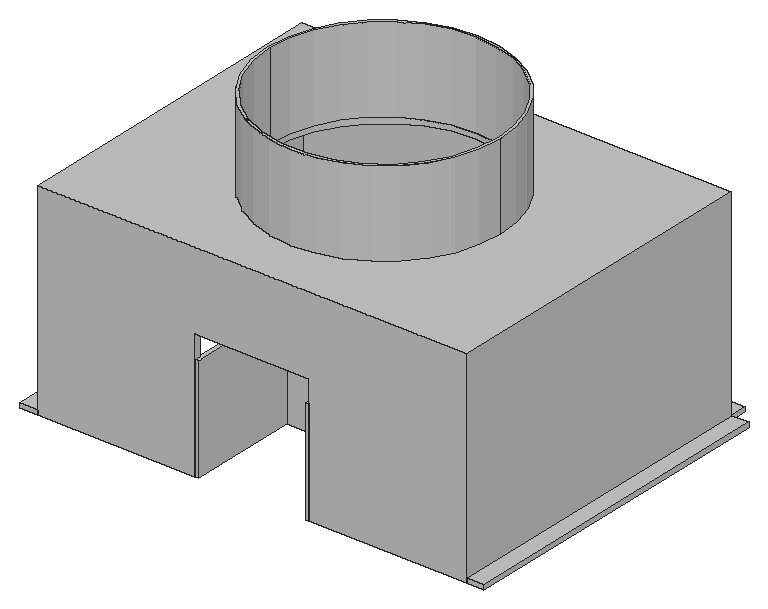
Revit family "QF_ELECTROLUXPROFESSIONAL_922678_FLCOGASOV", category Attrezzature speciali, Revit 2020
Family settings
  Quota connettore circolare = Usa diametro
  Tipo di parte = Normale
  Basato su piano di lavoro = No
  Sempre verticale = Sì
  Taglio con vuoti quando caricato = No
  Condiviso = No
  Punto di calcolo locali = No
Parameters (values of type "Standard")
  Weight = 0.00 kg
  Watts = 0 W
  Volts = 0 V
  URL Manufacturer = ""
  URL = ""
  Steam Supply Size = 0 mm
  Steam Supply Minimum Pressure = 0.0 Pa
  Steam Supply Maximum Pressure = 0.0 Pa
  Steam Consumption per Hour = 0
  Show Clearance [instance] = yes
  Refrigeration Suction Line Size = 0 mm
  Refrigeration Liquid Line Size = 0 mm
  Refrigerant Compressor Remote = yes
  Prospetto di default = 0 mm
  Manufacturer = ""
  Phase = 0
  Model = ""
  Length Actual = 406 mm  # constant formula
  Item Number = ""
  Hot Water Size = 0 mm
  Height Actual = 255 mm  # constant formula
  HP = ""
  Gas Size = 0 mm
  Gas KW = 0
  Gas Input Pressure = 0 W
  Direct Waste Size = 0 mm
  Description = ""
  Depth Actual = 305 mm  # constant formula
  Cycle = 0 Hz
  Condensate Return Size = 0 mm
  Compressed Air Volume = 0.0 L/s
  Compressed Air Size = 0 mm
  Compressed Air Pressure = 0.0 Pa
  Cold Water Size = 0 mm
  Accessory = yes
Reference planes
  plane 1 "Back": y = 0
  plane 2: z = 0
  plane 3 "FRONT": y = -305
  plane 4 "LEFT": x = -126
  plane 5 "RIGHT": x = 280
  plane 6: x = 77
  plane 7 "Centro Avanti/Indietro": y = -160
  plane 8: z = 255
  plane 9: z = 180
  plane 10: y = -15
  plane 11 "L_IN": x = -111
  plane 12 "D_IN": x = 265
  plane 13: z = 4
  plane 14: z = 175
  plane 15: z = 112
  plane 16: x = 127
  plane 17: x = 27
  plane 18: z = 92
  plane 19: y = -205
Forms (mm)
  Extrusion 1, solid, material "QF_Finishes_Stainless Steel"
    sketch origin (0, 0, 0) x (1, 0, 0) y (0, 1, 0)
      loop
        line (-111, -15) -> (-111, -305) -> (265, -305) -> (265, -15) -> (-111, -15)
    from 0 to 180
  Extrusion 2, solid, material "QF_Finishes_Stainless Steel"
    sketch origin (0, 0, 0) x (1, 0, 0) y (0, 1, 0)
      loop
        line (-111, 0) -> (-111, -15) -> (265, -15) -> (265, 0) -> (-111, 0)
    from 0 to 4
  Extrusion 3, solid, material "QF_Finishes_Stainless Steel"
    sketch origin (0, 0, 0) x (1, 0, 0) y (0, 1, 0)
      loop
        line (265, -15) -> (265, -305) -> (280, -305) -> (280, -15) -> (265, -15)
    from 0 to 4
  Extrusion 4, solid, material "QF_Finishes_Stainless Steel"
    sketch origin (0, 0, 0) x (1, 0, 0) y (0, 1, 0)
      loop
        line (-126, -15) -> (-126, -305) -> (-111, -305) -> (-111, -15) -> (-126, -15)
    from 0 to 4
  Extrusion 5, solid, material "QF_Finishes_Stainless Steel"
    sketch origin (0, 0, 0) x (1, 0, 0) y (0, 1, 0)
      loop
        circle (77, -160) r 102
    from 180 to 255
  Extrusion 6, void
    sketch origin (0, 0, 0) x (1, 0, 0) y (0, 1, 0)
      loop
        circle (77, -160) r 100
    from 170.207 to 262.933
  Extrusion 7, void
    sketch origin (0, 0, 0) x (1, 0, 0) y (0, 1, 0)
      loop
        line (260, -20) -> (-106, -20) -> (-106, -300) -> (260, -300) -> (260, -20)
    from -60 to 175
  Extrusion 8, void
    sketch origin (0, 250, 0) x (-1, 0, 0) y (0, 0, 1)
      loop
        line (-27, 112) -> (-127, 112) -> (-127, 0) -> (-27, 0) -> (-27, 112)
    from -596.38 to -510
  Extrusion 9, solid, material "QF_Finishes_Stainless Steel"
    sketch origin (0, 0, 0) x (1, 0, 0) y (0, 1, 0)
      loop
        line (27, -205) -> (27, -305) -> (30, -305) -> (30, -208) -> (124, -208) -> (124, -305) -> (127, -305) -> (127, -205) -> (27, -205)
    from 0 to 92
Cuts and joins
  Extrusion 6 cuts Extrusion 5
  Extrusion 6, Extrusion 7, Extrusion 8 cuts Extrusion 1
Lines and regions (mm)
  model lines
    curve 1: line (-111, -61.307, 163.631) -> (-111, -136.307, 163.631)
    curve 2: line (-111, -61.307, 152.04) -> (-111, -61.307, 163.631)
    curve 3: line (-111, -136.307, 152.04) -> (-111, -61.307, 152.04)
    curve 4: line (-111, -136.307, 163.631) -> (-111, -136.307, 152.04)
    curve 5: line (-111, -61.307, 143.631) -> (-111, -136.307, 143.631)
    curve 6: line (-111, -61.307, 132.04) -> (-111, -61.307, 143.631)
    curve 7: line (-111, -136.307, 132.04) -> (-111, -61.307, 132.04)
    curve 8: line (-111, -136.307, 143.631) -> (-111, -136.307, 132.04)
    curve 9: line (-111, -61.307, 123.631) -> (-111, -136.307, 123.631)
    curve 10: line (-111, -61.307, 112.04) -> (-111, -61.307, 123.631)
    curve 11: line (-111, -136.307, 112.04) -> (-111, -61.307, 112.04)
    curve 12: line (-111, -136.307, 123.631) -> (-111, -136.307, 112.04)
    curve 13: line (-111, -61.307, 103.631) -> (-111, -136.307, 103.631)
    curve 14: line (-111, -61.307, 92.04) -> (-111, -61.307, 103.631)
    curve 15: line (-111, -136.307, 92.04) -> (-111, -61.307, 92.04)
    curve 16: line (-111, -136.307, 103.631) -> (-111, -136.307, 92.04)
    curve 17: line (-111, -61.307, 83.631) -> (-111, -136.307, 83.631)
    curve 18: line (-111, -61.307, 72.04) -> (-111, -61.307, 83.631)
    curve 19: line (-111, -136.307, 72.04) -> (-111, -61.307, 72.04)
    curve 20: line (-111, -136.307, 83.631) -> (-111, -136.307, 72.04)
    curve 21: line (-111, -61.307, 63.631) -> (-111, -136.307, 63.631)
    curve 22: line (-111, -61.307, 52.04) -> (-111, -61.307, 63.631)
    curve 23: line (-111, -136.307, 52.04) -> (-111, -61.307, 52.04)
    curve 24: line (-111, -136.307, 63.631) -> (-111, -136.307, 52.04)
    curve 25: line (-111, -61.307, 43.631) -> (-111, -136.307, 43.631)
    curve 26: line (-111, -61.307, 32.04) -> (-111, -61.307, 43.631)
    curve 27: line (-111, -136.307, 32.04) -> (-111, -61.307, 32.04)
    curve 28: line (-111, -136.307, 43.631) -> (-111, -136.307, 32.04)
    curve 29: line (-111, -61.307, 23.631) -> (-111, -136.307, 23.631)
    curve 30: line (-111, -61.307, 12.04) -> (-111, -61.307, 23.631)
    curve 31: line (-111, -136.307, 12.04) -> (-111, -61.307, 12.04)
    curve 32: line (-111, -136.307, 23.631) -> (-111, -136.307, 12.04)
    curve 33: line (-111, -258.693, 163.631) -> (-111, -183.693, 163.631)
    curve 34: line (-111, -258.693, 152.04) -> (-111, -258.693, 163.631)
    curve 35: line (-111, -183.693, 152.04) -> (-111, -258.693, 152.04)
    curve 36: line (-111, -183.693, 163.631) -> (-111, -183.693, 152.04)
    curve 37: line (-111, -258.693, 143.631) -> (-111, -183.693, 143.631)
    curve 38: line (-111, -258.693, 132.04) -> (-111, -258.693, 143.631)
    curve 39: line (-111, -183.693, 132.04) -> (-111, -258.693, 132.04)
    curve 40: line (-111, -183.693, 143.631) -> (-111, -183.693, 132.04)
    curve 41: line (-111, -258.693, 123.631) -> (-111, -183.693, 123.631)
    curve 42: line (-111, -258.693, 112.04) -> (-111, -258.693, 123.631)
    curve 43: line (-111, -183.693, 112.04) -> (-111, -258.693, 112.04)
    curve 44: line (-111, -183.693, 123.631) -> (-111, -183.693, 112.04)
    curve 45: line (-111, -258.693, 103.631) -> (-111, -183.693, 103.631)
    curve 46: line (-111, -258.693, 92.04) -> (-111, -258.693, 103.631)
    curve 47: line (-111, -183.693, 92.04) -> (-111, -258.693, 92.04)
    curve 48: line (-111, -183.693, 103.631) -> (-111, -183.693, 92.04)
    curve 49: line (-111, -258.693, 83.631) -> (-111, -183.693, 83.631)
    curve 50: line (-111, -258.693, 72.04) -> (-111, -258.693, 83.631)
    curve 51: line (-111, -183.693, 72.04) -> (-111, -258.693, 72.04)
    curve 52: line (-111, -183.693, 83.631) -> (-111, -183.693, 72.04)
    curve 53: line (-111, -258.693, 63.631) -> (-111, -183.693, 63.631)
    curve 54: line (-111, -258.693, 52.04) -> (-111, -258.693, 63.631)
    curve 55: line (-111, -183.693, 52.04) -> (-111, -258.693, 52.04)
    curve 56: line (-111, -183.693, 63.631) -> (-111, -183.693, 52.04)
    curve 57: line (-111, -258.693, 43.631) -> (-111, -183.693, 43.631)
    curve 58: line (-111, -258.693, 32.04) -> (-111, -258.693, 43.631)
    curve 59: line (-111, -183.693, 32.04) -> (-111, -258.693, 32.04)
    curve 60: line (-111, -183.693, 43.631) -> (-111, -183.693, 32.04)
    curve 61: line (-111, -258.693, 23.631) -> (-111, -183.693, 23.631)
    curve 62: line (-111, -258.693, 12.04) -> (-111, -258.693, 23.631)
    curve 63: line (-111, -183.693, 12.04) -> (-111, -258.693, 12.04)
    curve 64: line (-111, -183.693, 23.631) -> (-111, -183.693, 12.04)
    curve 65: line (265, -61.307, 163.631) -> (265, -136.307, 163.631)
    curve 66: line (265, -61.307, 152.04) -> (265, -61.307, 163.631)
    curve 67: line (265, -136.307, 152.04) -> (265, -61.307, 152.04)
    curve 68: line (265, -136.307, 163.631) -> (265, -136.307, 152.04)
    curve 69: line (265, -61.307, 143.631) -> (265, -136.307, 143.631)
    curve 70: line (265, -61.307, 132.04) -> (265, -61.307, 143.631)
    curve 71: line (265, -136.307, 132.04) -> (265, -61.307, 132.04)
    curve 72: line (265, -136.307, 143.631) -> (265, -136.307, 132.04)
    curve 73: line (265, -61.307, 123.631) -> (265, -136.307, 123.631)
    curve 74: line (265, -61.307, 112.04) -> (265, -61.307, 123.631)
    curve 75: line (265, -136.307, 112.04) -> (265, -61.307, 112.04)
    curve 76: line (265, -136.307, 123.631) -> (265, -136.307, 112.04)
    curve 77: line (265, -61.307, 103.631) -> (265, -136.307, 103.631)
    curve 78: line (265, -61.307, 92.04) -> (265, -61.307, 103.631)
    curve 79: line (265, -136.307, 92.04) -> (265, -61.307, 92.04)
    curve 80: line (265, -136.307, 103.631) -> (265, -136.307, 92.04)
    curve 81: line (265, -61.307, 83.631) -> (265, -136.307, 83.631)
    curve 82: line (265, -61.307, 72.04) -> (265, -61.307, 83.631)
    curve 83: line (265, -136.307, 72.04) -> (265, -61.307, 72.04)
    curve 84: line (265, -136.307, 83.631) -> (265, -136.307, 72.04)
    curve 85: line (265, -61.307, 63.631) -> (265, -136.307, 63.631)
    curve 86: line (265, -61.307, 52.04) -> (265, -61.307, 63.631)
    curve 87: line (265, -136.307, 52.04) -> (265, -61.307, 52.04)
    curve 88: line (265, -136.307, 63.631) -> (265, -136.307, 52.04)
    curve 89: line (265, -61.307, 43.631) -> (265, -136.307, 43.631)
    curve 90: line (265, -61.307, 32.04) -> (265, -61.307, 43.631)
    curve 91: line (265, -136.307, 32.04) -> (265, -61.307, 32.04)
    curve 92: line (265, -136.307, 43.631) -> (265, -136.307, 32.04)
    curve 93: line (265, -61.307, 23.631) -> (265, -136.307, 23.631)
    curve 94: line (265, -61.307, 12.04) -> (265, -61.307, 23.631)
    curve 95: line (265, -136.307, 12.04) -> (265, -61.307, 12.04)
    curve 96: line (265, -136.307, 23.631) -> (265, -136.307, 12.04)
    curve 97: line (265, -258.693, 163.631) -> (265, -183.693, 163.631)
    curve 98: line (265, -258.693, 152.04) -> (265, -258.693, 163.631)
    curve 99: line (265, -183.693, 152.04) -> (265, -258.693, 152.04)
    curve 100: line (265, -183.693, 163.631) -> (265, -183.693, 152.04)
    curve 101: line (265, -258.693, 143.631) -> (265, -183.693, 143.631)
    curve 102: line (265, -258.693, 132.04) -> (265, -258.693, 143.631)
    curve 103: line (265, -183.693, 132.04) -> (265, -258.693, 132.04)
    curve 104: line (265, -183.693, 143.631) -> (265, -183.693, 132.04)
    curve 105: line (265, -258.693, 123.631) -> (265, -183.693, 123.631)
    curve 106: line (265, -258.693, 112.04) -> (265, -258.693, 123.631)
    curve 107: line (265, -183.693, 112.04) -> (265, -258.693, 112.04)
    curve 108: line (265, -183.693, 123.631) -> (265, -183.693, 112.04)
    curve 109: line (265, -258.693, 103.631) -> (265, -183.693, 103.631)
    curve 110: line (265, -258.693, 92.04) -> (265, -258.693, 103.631)
    curve 111: line (265, -183.693, 92.04) -> (265, -258.693, 92.04)
    curve 112: line (265, -183.693, 103.631) -> (265, -183.693, 92.04)
    curve 113: line (265, -258.693, 83.631) -> (265, -183.693, 83.631)
    curve 114: line (265, -258.693, 72.04) -> (265, -258.693, 83.631)
    curve 115: line (265, -183.693, 72.04) -> (265, -258.693, 72.04)
    curve 116: line (265, -183.693, 83.631) -> (265, -183.693, 72.04)
    curve 117: line (265, -258.693, 63.631) -> (265, -183.693, 63.631)
    curve 118: line (265, -258.693, 52.04) -> (265, -258.693, 63.631)
    curve 119: line (265, -183.693, 52.04) -> (265, -258.693, 52.04)
    curve 120: line (265, -183.693, 63.631) -> (265, -183.693, 52.04)
    curve 121: line (265, -258.693, 43.631) -> (265, -183.693, 43.631)
    curve 122: line (265, -258.693, 32.04) -> (265, -258.693, 43.631)
    curve 123: line (265, -183.693, 32.04) -> (265, -258.693, 32.04)
    curve 124: line (265, -183.693, 43.631) -> (265, -183.693, 32.04)
    curve 125: line (265, -258.693, 23.631) -> (265, -183.693, 23.631)
    curve 126: line (265, -258.693, 12.04) -> (265, -258.693, 23.631)
    curve 127: line (265, -183.693, 12.04) -> (265, -258.693, 12.04)
    curve 128: line (265, -183.693, 23.631) -> (265, -183.693, 12.04)
Dimensions and locks
  plane 5 "RIGHT" to plane 4 "LEFT" = 406 mm
  plane 4 "LEFT" to plane 5 "RIGHT" = 406 mm
  plane 3 "FRONT" to plane 1 "Back" = 305 mm
  equal spacing: plane 4 "LEFT", plane 6, plane 5 "RIGHT"
  plane 8 to plane 2 = 255 mm
  plane 10 to plane 3 "FRONT" = 290 mm
  equal spacing: plane 11 "L_IN", plane 6, plane 12 "D_IN"
  plane 11 "L_IN" to plane 12 "D_IN" = 376 mm
  plane 2 to plane 9 = 180 mm
  equal spacing: plane 10, plane 7 "Centro Avanti/Indietro", plane 3 "FRONT"
  locked: plane 13 to plane 2 at 4
  locked: plane 14 to plane 9 at 5
  plane 15 to plane 2 = 112 mm
  plane 15 to plane 18 = 20 mm
  plane 19 to plane 3 "FRONT" = 100 mm
  aligned and locked: level to plane 2
  aligned and locked: Extrusion 1 sketch curve to plane 10
  aligned and locked: Extrusion 1 sketch curve to plane 11 "L_IN"
  aligned and locked: plane 3 "FRONT" to Extrusion 1 sketch curve
  aligned and locked: Extrusion 1 sketch curve to plane 12 "D_IN"
  aligned and locked: plane 1 "Back" to Extrusion 2 sketch curve
  aligned and locked: Extrusion 2 sketch curve to plane 11 "L_IN"
  aligned and locked: Extrusion 2 sketch curve to Extrusion 1  (x2)
  aligned and locked: Extrusion 3 sketch curve to Extrusion 1  (x2)
  aligned and locked: plane 3 "FRONT" to Extrusion 3 sketch curve
  aligned and locked: plane 5 "RIGHT" to Extrusion 3 sketch curve
  aligned and locked: Extrusion 4 sketch curve to plane 10
  aligned and locked: plane 4 "LEFT" to Extrusion 4 sketch curve
  aligned and locked: Extrusion 4 sketch curve to Extrusion 1  (x2)
  aligned and locked: Extrusion 4 to plane 2
  aligned and locked: plane 13 to Extrusion 2
  aligned and locked: Extrusion 2 to plane 2
  aligned and locked: plane 13 to Extrusion 3
  aligned and locked: Extrusion 1 to plane 2
  aligned and locked: Extrusion 3 to plane 2
  aligned and locked: plane 8 to Extrusion 5
  aligned and locked: plane 9 to Extrusion 5
  aligned and locked: Extrusion 1 to plane 9
  aligned and locked: plane 13 to Extrusion 4
  aligned and locked: Extrusion 7 to plane 14
  aligned and locked: plane 15 to Extrusion 8 sketch curve
  aligned and locked: Extrusion 8 sketch curve to plane 17
  aligned and locked: Extrusion 8 sketch curve to plane 2
  aligned and locked: plane 16 to Extrusion 8 sketch curve
  aligned and locked: plane 18 to Extrusion 9
  aligned and locked: Extrusion 9 to level
Automatic sketch dimensions
  Extrusion 5 sketch curve to plane 6 = 0 mm
  Extrusion 5 sketch curve to plane 7 "Centro Avanti/Indietro" = 0 mm
  Extrusion 6 sketch curve to plane 6 = 0 mm
  Extrusion 6 sketch curve to plane 7 "Centro Avanti/Indietro" = 0 mm
  Extrusion 7 sketch curve to plane 11 "L_IN" = 5 mm
  Extrusion 7 sketch curve to plane 12 "D_IN" = 5 mm
  Extrusion 7 sketch curve to plane 10 = 5 mm
  plane 3 "FRONT" to Extrusion 7 sketch curve = 5 mm
  Extrusion 9 sketch curve to plane 19 = 0 mm
  Extrusion 9 sketch curve to plane 17 = 0 mm
  Extrusion 9 sketch curve to plane 16 = 0 mm
  Extrusion 9 sketch curve to Extrusion 9 sketch curve = 3 mm  (x2)
  Extrusion 9 sketch curve to plane 16 = 3 mm
  Extrusion 9 sketch curve to plane 3 "FRONT" = 0 mm  (x2)
  plane 14 to curve 1 = 11.369 mm
  curve 1 to plane 10 = 46.307 mm
  plane 13 to curve 31 = 8.04 mm
  curve 31 to plane 10 = 46.307 mm
  curve 5 to curve 2 = 0 mm
  curve 27 to curve 29 = 0 mm
  curve 9 to curve 6 = 0 mm
  curve 23 to curve 25 = 0 mm
  curve 13 to curve 10 = 0 mm
  curve 19 to curve 21 = 0 mm
  plane 18 to curve 16 = 0.04 mm
  plane 7 "Centro Avanti/Indietro" to curve 16 = 23.693 mm
  curve 17 to curve 15 = 0 mm
  plane 15 to curve 12 = 0.04 mm
  curve 12 to curve 13 = 0 mm
  curve 21 to curve 19 = 0 mm
  curve 8 to curve 9 = 0 mm
  curve 25 to curve 23 = 0 mm
  curve 4 to curve 5 = 0 mm
  curve 29 to curve 27 = 0 mm
  plane 13 to curve 64 = 8.04 mm
  plane 19 to curve 64 = 21.307 mm
  plane 19 to curve 33 = 21.307 mm
  curve 60 to curve 61 = 0 mm
  curve 37 to curve 35 = 0 mm
  curve 56 to curve 57 = 0 mm
  curve 41 to curve 39 = 0 mm
  curve 52 to curve 53 = 0 mm
  curve 45 to curve 43 = 0 mm
  curve 49 to plane 18 = 8.369 mm
  plane 3 "FRONT" to curve 49 = 46.307 mm
  plane 18 to curve 47 = 0.04 mm
  curve 47 to curve 49 = 0 mm
  curve 53 to curve 50 = 0 mm
  plane 15 to curve 43 = 0.04 mm
  curve 43 to curve 45 = 0 mm
  curve 57 to curve 54 = 0 mm
  curve 39 to curve 41 = 0 mm
  curve 61 to curve 58 = 0 mm
  curve 35 to curve 37 = 0 mm
  curve 63 to curve 64 = 11.591 mm
  curve 31 to curve 32 = 11.591 mm
  curve 61 to curve 59 = 8.409 mm
  curve 29 to curve 27 = 8.409 mm
  curve 59 to curve 57 = 11.591 mm
  curve 26 to curve 25 = 11.591 mm
  curve 57 to curve 55 = 8.409 mm
  curve 25 to curve 24 = 8.409 mm
  curve 22 to curve 21 = 11.591 mm
  curve 54 to curve 53 = 11.591 mm
  curve 21 to curve 20 = 8.409 mm
  curve 53 to curve 50 = 8.409 mm
  curve 17 to plane 18 = 8.369 mm
  curve 14 to plane 15 = 8.369 mm
  curve 45 to plane 15 = 8.369 mm
  curve 42 to curve 42 = 11.591 mm
  curve 10 to curve 10 = 11.591 mm
  curve 41 to curve 40 = 8.409 mm
  curve 9 to curve 8 = 8.409 mm
  curve 38 to curve 37 = 11.591 mm
  curve 6 to curve 6 = 11.591 mm
  curve 37 to curve 36 = 8.409 mm
  curve 5 to curve 2 = 8.409 mm
  plane 14 to curve 33 = 11.369 mm
  plane 14 to curve 97 = 11.369 mm
  plane 3 "FRONT" to curve 97 = 46.307 mm
  plane 13 to curve 127 = 8.04 mm
  plane 3 "FRONT" to curve 127 = 46.307 mm
  curve 101 to curve 98 = 0 mm
  curve 123 to curve 125 = 0 mm
  curve 105 to curve 102 = 0 mm
  curve 119 to curve 121 = 0 mm
  curve 109 to curve 106 = 0 mm
  curve 115 to curve 117 = 0 mm
  plane 18 to curve 112 = 0.04 mm
  plane 19 to curve 112 = 21.307 mm
  curve 115 to curve 111 = 0 mm
  curve 117 to curve 115 = 0 mm
  plane 15 to curve 108 = 0.04 mm
  curve 108 to curve 109 = 0 mm
  curve 121 to curve 119 = 0 mm
  curve 104 to curve 105 = 0 mm
  curve 125 to curve 123 = 0 mm
  curve 100 to curve 101 = 0 mm
  plane 13 to curve 96 = 8.04 mm
  plane 7 "Centro Avanti/Indietro" to curve 96 = 23.693 mm
  plane 14 to curve 65 = 11.369 mm
  plane 7 "Centro Avanti/Indietro" to curve 65 = 23.693 mm
  curve 92 to curve 93 = 0 mm
  curve 69 to curve 67 = 0 mm
  curve 88 to curve 89 = 0 mm
  curve 73 to curve 71 = 0 mm
  curve 84 to curve 85 = 0 mm
  curve 77 to curve 75 = 0 mm
  curve 81 to plane 18 = 8.369 mm
  curve 81 to plane 10 = 46.307 mm
  plane 18 to curve 79 = 0.04 mm
  curve 79 to curve 81 = 0 mm
  curve 85 to curve 82 = 0 mm
  plane 15 to curve 75 = 0.04 mm
  curve 75 to curve 77 = 0 mm
  curve 89 to curve 86 = 0 mm
  curve 71 to curve 73 = 0 mm
  curve 93 to curve 90 = 0 mm
  curve 67 to curve 69 = 0 mm
  curve 127 to curve 128 = 11.591 mm
  curve 95 to curve 96 = 11.591 mm
  curve 125 to curve 123 = 8.409 mm
  curve 93 to curve 91 = 8.409 mm
  curve 123 to curve 121 = 11.591 mm
  curve 90 to curve 89 = 11.591 mm
  curve 121 to curve 119 = 8.409 mm
  curve 89 to curve 88 = 8.409 mm
  curve 86 to curve 85 = 11.591 mm
  curve 118 to curve 117 = 11.591 mm
  curve 85 to curve 84 = 8.409 mm
  curve 117 to curve 114 = 8.409 mm
  curve 113 to plane 18 = 8.369 mm
  curve 78 to plane 15 = 8.369 mm
  curve 109 to plane 15 = 8.369 mm
  curve 106 to curve 106 = 11.591 mm
  curve 74 to curve 74 = 11.591 mm
  curve 105 to curve 104 = 8.409 mm
  curve 73 to curve 72 = 8.409 mm
  curve 102 to curve 101 = 11.591 mm
  curve 70 to curve 70 = 11.591 mm
  curve 101 to curve 100 = 8.409 mm
  curve 69 to curve 66 = 8.409 mm
  radius of Extrusion 5 sketch curve = 102 mm
  radius of Extrusion 6 sketch curve = 100 mm
